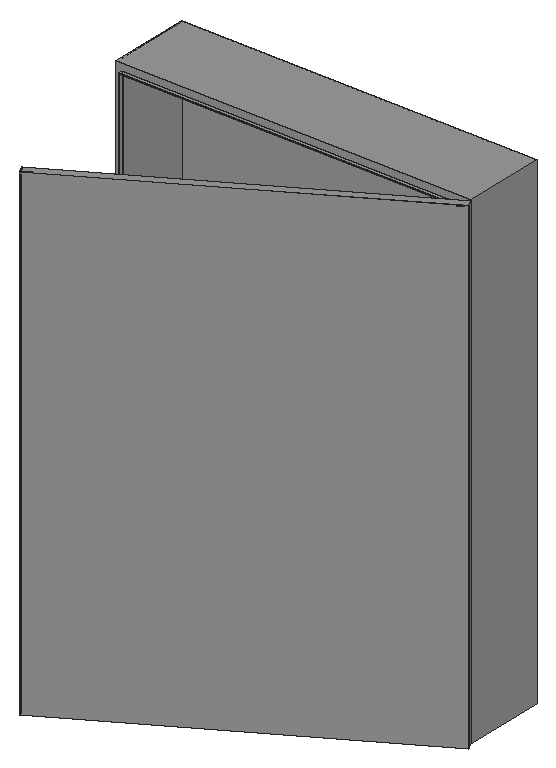
Revit family "Hager-Univers-IP54-D205-H1100-Cl.II-Encl-NoHosted-PT-pt", category Electrical Equipment, Revit 2020
Family settings
  Panel Configuration = Two Columns, Circuits Across
  Round Connector Dimension = Use Diameter
  Part Type = Panelboard
  Work Plane-Based = Yes
  Always vertical = Yes
  Cut with Voids When Loaded = No
  Shared = No
  Room Calculation Point = No
Parameters (values of type "Montagem em superfície (gesso) IP54 L800 A1100 P205  - FP73SW2")
  Width Control [instance] = if([EF000008 - Largura] > Min Width, [EF000008 - Largura], Min Width)  # 800 mm
  Type Comments = [HG000003 - Gama]  # "Univers"
  Thickness Door [instance] = if([EF009171 - Espessura do material da porta/tampa] > 3 mm, 3 mm, [EF009171 - Espessura do material da porta/tampa])  # 1 mm
  Seal Frame Offset [instance] = 17 mm  # constant formula
  Plinth Visibility [instance] = [HG000027 - Altura da Plinta] > 0 mm  # no
  Min Width [instance] = 100 mm  # constant formula
  Min Depth [instance] = (2 * [EF009170 - Espessura do material do invólucro]) + 1 mm  # 3 mm
  Min Height [instance] = 100 mm  # constant formula
  Internal Frame Depth [instance] = (Door System Depth * 0.5)  # 9 mm
  Panel Name [instance] = ""  # (empty or 0)
  Model = ""
  HG000027 - Altura da Plinta = 0 mm
  HG000026 - Instalação no chão = no
  HG000024 - Altura da secção inferior = 600 mm
  HG000023 - Recinto de secção dupla = no
  HG000016 - Visibilidade da porta 3D [instance] = yes
  HG000015 - Visibilidade através da porta [instance] = no
  HG000014 - Porta à direita [instance] = yes
  HG000013 - Porta à esquerda [instance] = not([HG000014 - Porta à direita])  # no
  HG000012 - Ângulo de abertura de porta [instance] = 30.00°
  HG000010 - Portas assimétricas = no
  HG000009 - Porta dupla = no
  HG000006 - Encastrado = no
  HG000004 - Referência do Fabricante = "FP73SW2"
  HG000003 - Gama = "Univers"
  HG000002 - Com porta ou tampa = yes
  Frame Offset Bottom [instance] = 10 mm  # constant formula
  Frame Offset [instance] = 15 mm  # constant formula
  EF015940 - Tampa com libertação de sobrepressão = no
  EF011959 - Grau de proteção (NEMA) = ""
  EF009554 - Número de aberturas para placas de flange = 6
  EF009212 - Tipo de tampa = "EV000116 - Fechado"
  EF009171 - Espessura do material da porta/tampa = 1 mm
  EF009170 - Espessura do material do invólucro = 1 mm
  EF008873 - Corrente nominal (In) = 250 A
  EF007800 - Adequado para proteção contra raios = no
  EF006306 - Com fecho = no
  EF006244 - Tampa/porta transparente = no
  EF005474 - Grau de proteção (IP) = "EV006419 - IP54"
  EF004464 - Tipo de porta = "EV002646 - Único"
  EF004427 - Número de módulos = 252
  EF004293 - Força de impacto = "EV006815 - IK09"
  EF003532 - Adequado para uso no exterior = no
  EF002950 - Largura em número de módulos = 36
  EF001613 - Integridade do circuito = "EV000494 - Nenhum"
  EF001596 - Material do corpo = "EV000179 - Aço"
  EF001131 - Profundidade interior = 130 mm
  EF001088 - Extensão possível = yes
  EF000437 - Número de entradas de condutores = 6
  EF000339 - Tipo de difusor = "EV004216 - Porta"
  EF000266 - Número de linhas = 7
  EF000218 - Profundidade incorporada = 205 mm
  EF000118 - Com tampa de montagem = no
  EF000116 - Número RAL = "9010"
  EF000049 - Profundidade = 205 mm
  EF000040 - Altura = 1100 mm
  EF000008 - Largura = 800 mm
  EF000007 - Cor = "EV000202 - Branco"
  EF000003 - Método de montagem = "EV000384 - Montagem em superfície (gesso)"
  Door System Leaf Tolerance [instance] = 1.5 mm  # constant formula
  Door System Depth [instance] = 18 mm  # constant formula
  Door Height [instance] = Height Control - [HG000027 - Altura da Plinta]  # 1100 mm
  Description = ""
  Default Elevation = 1219.2 mm
  Connector Offset [instance] = Height Control / 2  # 550 mm
  Manufacturer = "Hager"  # constant formula
  Height Control [instance] = if([EF000040 - Altura] > Min Height, [EF000040 - Altura], Min Height)  # 1100 mm
  Depth Control [instance] = if([EF000049 - Profundidade] > Min Depth, [EF000049 - Profundidade], Min Depth)  # 205 mm
  Bottom Top Plate Trim [instance] = 1.5 mm  # constant formula
  Plinth height Ctrl [instance] = if([HG000027 - Altura da Plinta] > 0 mm, [HG000027 - Altura da Plinta], 12 mm)  # 12 mm
Types (5, lengths in mm): name | Width Control | HG000010 - Portas assimétricas | HG000009 - Porta dupla | HG000004 - Referência do Fabricante | EF009554 - Número de aberturas para placas de flange | EF004464 - Tipo de porta | EF004427 - Número de módulos | EF002950 - Largura em número de módulos | EF000437 - Número de entradas de condutores | EF000008 - Largura
  Montagem em superfície (gesso) IP54 L1050 A1100 P205  - FP74SW2 | 1050 | no | yes | "FP74SW2" | 8 | "EV003602 - Duplo" | 336 | 48 | 8 | 1050
  Montagem em superfície (gesso) IP54 L1300 A1100 P205  - FP75SW2 | 1300 | yes | yes | "FP75SW2" | 10 | "EV003602 - Duplo" | 420 | 60 | 10 | 1300
  Montagem em superfície (gesso) IP54 L300 A1100 P205  - FP71SW2 | 300 | no | no | "FP71SW2" | 2 | "EV002646 - Único" | 84 | 12 | 2 | 300
  Montagem em superfície (gesso) IP54 L550 A1100 P205  - FP72SW2 | 550 | no | no | "FP72SW2" | 4 | "EV002646 - Único" | 168 | 24 | 4 | 550
  Montagem em superfície (gesso) IP54 L800 A1100 P205  - FP73SW2 | 800 | no | no | "FP73SW2" | 6 | "EV002646 - Único" | 252 | 36 | 6 | 800
Reference planes
  plane 1 "Center (Front/Back)": y = 0
  plane 2: z = 0
  plane 3 "Center (Left/Right)": x = 0
  plane 4: y = 0
  plane 5: y = 0
  plane 6: z = 0
  plane 7: x = -400
  plane 8: x = 400
  plane 9: x = 399
  plane 10: x = -399
  plane 11: z = 0
  plane 12: z = 1
  plane 13: y = -205
  plane 14: y = -1
  plane 15: x = 0
  plane 16: y = -187
  plane 17: y = -204
  plane 18: y = -186
  plane 19: x = -384
  plane 20: x = 384
  plane 21: z = 11
  plane 22: x = -383
  plane 23: x = 383
  plane 24: z = 0
  plane 25: z = 1100
  plane 26: z = 1100
  plane 27: z = 1084
  plane 28: z = 1099
Forms (mm)
  Extrusion 1, solid, material "Hager_Steel_RAL7035_Light_Grey", detail levels medium+fine
    sketch origin (-208.679, -4572, 0) x (-1, 0, 0) y (0, -1, 0)
      loop
        line (191.321, -4385) -> (-608.679, -4385) -> (-608.679, -4572) -> (191.321, -4572) -> (191.321, -4385)
    from 0 to 1100
  Extrusion 2, void
    sketch origin (-350.771, -205, 1219.2) x (1, 0, 0) y (0, 0, 1)
      loop
        line (-48.229, -120.2) -> (-48.229, -1218.2) -> (749.771, -1218.2) -> (749.771, -120.2) -> (-48.229, -120.2)
    from -19 to -204
  Extrusion 3, void
    sketch origin (-290.084, -187, 1219.2) x (1, 0, 0) y (0, 0, 1)
      loop
        line (-93.916, -1208.2) -> (674.084, -1208.2) -> (674.084, -135.2) -> (-93.916, -135.2) -> (-93.916, -1208.2)
    from 0 to -1
  Extrusion 4, solid, material "Hager_Steel_RAL7035_Light_Grey", visible <- "Plinth Visibility", detail levels medium+fine
    sketch origin (0, 0, 0) x (1, 0, 0) y (0, 1, 0)
      loop
        line (-400, 0) -> (-400, -187) -> (400, -187) -> (400, 0) -> (-400, 0)
    from 0 to 12 <- "Plinth height Ctrl"
  Extrusion 5, solid, material "Hager_Steel_RAL7035_Light_Grey", detail levels coarse
    sketch origin (0, 0, 0) x (1, 0, 0) y (0, 1, 0)
      loop
        line (-400, 0) -> (-400, -205) -> (400, -205) -> (400, 0) -> (-400, 0)
    from 0 to 1100 <- "Height Control"
  Sweep 6, void
    path in 3D
      loop
        line (-400, -187, 12) -> (400, -187, 12) -> (400, 0, 12) -> (-400, 0, 12) -> (-400, -187, 12)
    profile origin (-400, -93.5, 12) x (1, 0, 0) y (0, 0, 1)
      loop
        line (0, 0) -> (0, -1.5) -> (1.5, -1.5)
        arc (1.5, -1.5) -> (1.061, -0.439) -> (0, 0) r 1.5
  Extrusion 7, solid, material "Hager_Steel_RAL7035_Light_Grey", detail levels fine
    sketch origin (-400, -187, 0) x (1, 0, 0) y (0, 0, 1)
      loop
        line (16, 11) -> (784, 11) -> (784, 1084) -> (16, 1084) -> (16, 11)
      loop
        line (15, 10) -> (785, 10) -> (785, 1085) -> (15, 1085) -> (15, 10)
    from 0 to 9 <- "Internal Frame Depth"
Cuts and joins
  Extrusion 2, Extrusion 3 cuts Extrusion 1
  Sweep 6 cuts Extrusion 4
Lines and regions (mm)
  Masking region 1
    outline origin (0, 0, 0) x (1, 0, 0) y (0, 1, 0)
      loop
        line (-400, 0) -> (-400, -205) -> (400, -205) -> (400, 0) -> (-400, 0)
  Masking region 2, detail levels coarse
    outline origin (-290.084, -187, 1219.2) x (-1, 0, 0) y (0, 0, 1)
      loop
        line (-690.084, -1219.2) -> (109.916, -1219.2) -> (109.916, -119.2) -> (-690.084, -119.2) -> (-690.084, -1219.2)
  Masking region 3, detail levels coarse
    outline origin (0, 0, 0) x (0, 1, 0) y (0, 0, 1)
      loop
        line (0, 0) -> (0, 1100) -> (-205, 1100) -> (-205, 0) -> (0, 0)
  Masking region 4, visible <- "Plinth Visibility", detail levels medium+fine
    outline origin (0, 0, 0) x (0, 1, 0) y (0, 0, 1)
      loop
        line (-1.5, 12) -> (-185.5, 12)
        arc (-185.5, 12) -> (-185.939, 10.939) -> (-187, 10.5) r 1.5
        line (-187, 10.5) -> (-187, 0) -> (0, 0) -> (0, 10.5)
        arc (0, 10.5) -> (-1.061, 10.939) -> (-1.5, 12) r 1.5
  Masking region 5, detail levels medium+fine
    outline origin (0, 0, 594.038) x (0, 1, 0) y (0, 0, 1)
      loop
        line (0, -594.038) -> (0, 505.962) -> (-187, 505.962) -> (-187, -594.038) -> (0, -594.038)
  Masking region 6, detail levels medium+fine
    outline origin (-359.7, -187, 1211.883) x (-1, 0, 0) y (0, 0, 1)
      loop
        line (-759.7, -1211.883) -> (40.3, -1211.883) -> (40.3, -111.883) -> (-759.7, -111.883) -> (-759.7, -1211.883)
  Masking region 7, visible <- "Plinth Visibility", detail levels medium+fine
    outline origin (-320.334, -187, 1041.368) x (-1, 0, 0) y (0, 0, 1)
      loop
        line (-720.334, -1041.368) -> (79.666, -1041.368) -> (79.666, -1030.868)
        arc (79.666, -1030.868) -> (78.606, -1030.429) -> (78.166, -1029.368) r 1.5
        line (78.166, -1029.368) -> (-718.834, -1029.368)
        arc (-718.834, -1029.368) -> (-719.273, -1030.429) -> (-720.334, -1030.868) r 1.5
        line (-720.334, -1030.868) -> (-720.334, -1041.368)
  sketch lines
    curve 1: line (-400, 0, 12) -> (-400, -187, 12)
    curve 2: line (-400, -187, 12) -> (400, -187, 12)
    curve 3: line (400, 0, 12) -> (-400, 0, 12)
    curve 4: line (400, -187, 12) -> (400, 0, 12)
Dimensions and locks
  locked: plane 1 "Center (Front/Back)" to plane 5
  "EF009170 - Espessura do material do invólucro": plane 7 to plane 10
  "EF009170 - Espessura do material do invólucro": plane 8 to plane 9
  equal spacing: plane 7, plane 3 "Center (Left/Right)", plane 8
  "Width Control": plane 7 to plane 8
  "Depth Control": plane 4 to plane 13
  "EF009170 - Espessura do material do invólucro": plane 4 to plane 14
  "Height Control": plane 25 to level
  "HG000027 - Altura da Plinta": plane 11 to level
  "EF009170 - Espessura do material do invólucro": plane 12 to plane 11
  "EF009170 - Espessura do material do invólucro": plane 17 to plane 13
  "EF009170 - Espessura do material do invólucro": plane 18 to plane 16
  "Frame Offset Bottom": plane 21 to plane 12
  "Frame Offset": plane 10 to plane 19
  "Frame Offset": plane 9 to plane 20
  "Door System Depth": plane 16 to plane 13
  "Seal Frame Offset": plane 7 to plane 22
  "Seal Frame Offset": plane 8 to plane 23
  "EF009170 - Espessura do material do invólucro": plane 26 to plane 28
  "Frame Offset": plane 28 to plane 27
  "Connector Offset": plane 2 to connector elem
  "Bottom Top Plate Trim": profile plane to Sweep 6 sketch curve
  "Bottom Top Plate Trim": Sweep 6 sketch curve to Sweep 6 sketch curve
  "Plinth height Ctrl": Masking region 4 sketch curve to level
  "Plinth height Ctrl": Masking region 7 sketch curve to level
  "Thickness Door": Extrusion 7 sketch curve to Extrusion 7 sketch curve  (x4)
  "Bottom Top Plate Trim": radius of Sweep 6 sketch curve
  "Bottom Top Plate Trim": radius of Masking region 4 sketch curve  (x2)
  "Bottom Top Plate Trim": radius of Masking region 7 sketch curve  (x2)
  aligned and locked: Extrusion 2 sketch curve to plane 12
  aligned and locked: Extrusion 2 sketch curve to plane 9
  aligned and locked: Extrusion 2 sketch curve to plane 10
  aligned and locked: Extrusion 2 to plane 14
  aligned and locked: Extrusion 1 sketch curve to plane 4
  aligned and locked: plane 8 to Extrusion 1 sketch curve
  aligned and locked: plane 7 to Extrusion 1 sketch curve
  aligned and locked: Extrusion 2 to plane 18
  aligned and locked: Extrusion 3 sketch curve to plane 19
  aligned and locked: plane 20 to Extrusion 3 sketch curve
  aligned and locked: Extrusion 3 to Extrusion 2
  aligned and locked: Extrusion 3 sketch curve to plane 21
  aligned and locked: plane 3 "Center (Left/Right)" to nested 1
  aligned and locked: Extrusion 1 sketch curve to plane 16
  aligned and locked: Extrusion 4 sketch curve to cut or joined group of Extrusion 1, Extrusion 2, Extrusion 3
  aligned and locked: Masking region 1 sketch curve to plane 7
  aligned and locked: Masking region 1 sketch curve to plane 5
  aligned and locked: Masking region 1 sketch curve to plane 8
  aligned and locked: Masking region 2 sketch curve to level
  aligned and locked: level to Masking region 3 sketch curve
  aligned and locked: plane 1 "Center (Front/Back)" to Masking region 3 sketch curve
  aligned and locked: plane 13 to Masking region 3 sketch curve
  aligned and locked: plane 5 to Masking region 4 sketch curve
  aligned and locked: Masking region 2 sketch curve to plane 8
  aligned and locked: Masking region 2 sketch curve to plane 7
  aligned and locked: plane 7 to nested 2
  aligned and locked: nested 2 to plane 5
  aligned and locked: plane 5 to Masking region 5 sketch curve
  aligned and locked: plane 26 to Masking region 5 sketch curve
  aligned and locked: Extrusion 5 sketch curve to plane 8
  aligned and locked: Extrusion 5 sketch curve to plane 7
  aligned and locked: Extrusion 5 sketch curve to plane 5
  aligned and locked: Extrusion 3 sketch curve to plane 27
  aligned and locked: Extrusion 2 sketch curve to plane 28
  aligned and locked: Masking region 2 to plane 25
  aligned and locked: Extrusion 4 to plane 16
  aligned and locked: profile plane to Sweep 6 sketch curve
  aligned and locked: Masking region 5 sketch curve to plane 24
  aligned and locked: level to Masking region 4 sketch curve
  aligned and locked: Masking region 1 to plane 13
  aligned and locked: nested 1 to plane 16
  aligned and locked: Masking region 3 to plane 25
  aligned and locked: plane 16 to Masking region 4 sketch curve
  aligned and locked: Masking region 5 sketch curve to plane 16
  aligned and locked: plane 24 to plane 11
  aligned and locked: plane 26 to plane 25
  aligned and locked: plane 26 to cut or joined group of Extrusion 1, Extrusion 2, Extrusion 3
  aligned and locked: nested 1 to plane 24
  aligned and locked: Extrusion 1 to Extrusion 3
  aligned and locked: Masking region 6 sketch curve to plane 8
  aligned and locked: Masking region 6 sketch curve to plane 24
  aligned and locked: Masking region 6 sketch curve to plane 7
  aligned and locked: Masking region 6 sketch curve to plane 26
  aligned and locked: Masking region 7 sketch curve to plane 7
  aligned and locked: level to Masking region 7 sketch curve
  aligned and locked: Masking region 7 sketch curve to plane 8
  aligned and locked: Extrusion 7 sketch curve to cut or joined group of Extrusion 1, Extrusion 2, Extrusion 3  (x4)
Automatic sketch dimensions
  plane 19 to Extrusion 3 sketch curve = 0 mm
  Extrusion 3 sketch curve to plane 20 = 0 mm
  Extrusion 3 sketch curve to plane 21 = 0 mm
  Extrusion 4 sketch curve to plane 7 = 0 mm
  Extrusion 4 sketch curve to plane 8 = 0 mm
  Extrusion 4 sketch curve to plane 16 = 0 mm
  Masking region 1 sketch curve to plane 13 = 0 mm
  Masking region 2 sketch curve to plane 25 = 0 mm
  Masking region 3 sketch curve to plane 25 = 0 mm
  Extrusion 5 sketch curve to plane 13 = 0 mm
  profile plane to Sweep 6 sketch curve = 0 mm
Nested families
  nested 1: "EC000058_Univers_Door" at (0, -187, 0), Double <- "HG000009 - Porta dupla", Transparent <- "EF006244 - Tampa/porta transparente", Angle <- "HG000012 - Ângulo de abertura de porta", Door_Right <- "HG000014 - Porta à direita", Assymetrical <- "HG000010 - Portas assimétricas", Door <- "HG000002 - Com porta ou tampa", Width_Ctrl <- "Width Control", 3d_Door <- "HG000016 - Visibilidade da porta 3D", Clearance <- "HG000015 - Visibilidade através da porta", Door_Left <- "HG000013 - Porta à esquerda", Width <- "Width Control", Door_Depth <- "Door System Depth", Leaf_Tolerance <- "Door System Leaf Tolerance", Height <- "Door Height", Lock_Visibility <- "EF006306 - Com fecho", Thickness <- "Thickness Door", type "EC000058_Univers_Door", detail levels medium+fine
    with min_wh 3 mm, Width_Ctrl 800 mm, Width 800 mm, Transparent no, Thickness 1 mm, Seal_Material Hager_Rubber, Lock_Visibility no, Lock_Material Hager_Plastic_RAL9005_Jet_Black, Leaf_Width 800 mm, Leaf_Tolerance_External_Sides 0 mm, Leaf_Tolerance 1.5 mm, Leaf_Offset 0 mm, Leaf_Height 1097 mm, Leaf_2_Width 800 mm, Leaf_2_Offset 400 mm, Leaf_1_Width 800 mm, Leaf_1_Offset 400 mm, Height_Ctrl 1100 mm, Height 1100 mm, Glass_Material Hager_Glass, Double_Clearance_Ctrl no, Double no, Door_Right_Ctrl yes, Door_Right yes, Door_Material Hager_Steel_RAL7035_Light_Grey, Door_Left_Ctrl no, Door_Left no, Door_Depth 18 mm, Door yes, Clearance_Material Hager_Clearance, Clearance_Depth 800 mm, Clearance_Ctrl no, Clearance no, Assymetrical no, Angle 30.00°, 3d_Door yes
  nested 2: "Hager_Enclosure_Symbol" at (-400, 0, 0), Height <- "Depth Control", Width <- "Width Control", type "Hager_Enclosure_Symbol"
    with Width_Ctrl 800 mm, Width 800 mm, Height_Ctrl 205 mm, Height 205 mm, A_Width_Int 13.453 mm, A_Width 161.438 mm, A_Height_Ctrl 179.375 mm, A_Height 179.375 mm
Connectors
  electrical at (0, 0, 550)
    settings: on plane 1 "Center (Front/Back)", index 1, voltage 0 V, apparent load 0 VA, apparent load phase1 0 VA, apparent load phase2 0 VA, apparent load phase3 0 VA, power factor 1, load classification "Other", number of poles 1, system type 30, power factor state 1, is connector primary yes, connector utility no, sub classification motor no, connector description ""
Definition of nested family "EC000058_Univers_Door"
  Parameters (values of type "EC000058_Univers_Door")
    min_wh [instance] = (2 * Thickness) + 1 mm  # 11 mm
    Width_Ctrl [instance] = 400 mm
    Width [instance] = 500 mm
    Transparent [instance] = yes
    Thickness [instance] = 5 mm
    Seal_Material [instance] = none
    Lock_Visibility [instance] = yes
    Lock_Material [instance] = none
    Leaf_Width [instance] = if((Width_Ctrl - 2 * Leaf_Tolerance_External_Sides) > 0 mm, (Width_Ctrl - 2 * Leaf_Tolerance_External_Sides), min_wh)  # 400 mm
    Leaf_Tolerance_External_Sides [instance] = 0 mm  # constant formula
    Leaf_Tolerance [instance] = 1.5 mm
    Leaf_Offset [instance] = 0 mm  # constant formula
    Leaf_Height [instance] = if((Height_Ctrl - 2 * Leaf_Tolerance) > 0 mm, (Height_Ctrl - 2 * Leaf_Tolerance), min_wh)  # 497 mm
    Leaf_2_Width [instance] = if(and(and(Double, Assymetrical), Door_Left), (Leaf_Width / 3) - (Leaf_Tolerance / 2), if(and(and(Double, Assymetrical), Door_Right), (Leaf_Width / 3) * 2 - (Leaf_Tolerance / 2), if(and(Double, not(Assymetrical)), (Leaf_Width / 2) - Leaf_Tolerance, Leaf_Width)))  # 400 mm
    Leaf_2_Offset [instance] = if(and(Double, Assymetrical), Leaf_2_Width / 2, if(and(Double, not(Assymetrical)), Leaf_Width / 4, Leaf_Width / 2))  # 200 mm
    Leaf_1_Width [instance] = if(and(and(Double, Assymetrical), Door_Right), (Leaf_Width / 3) - (Leaf_Tolerance / 2), if(and(and(Double, Assymetrical), Door_Left), (Width / 3) * 2 - (Leaf_Tolerance / 2), if(and(Double, not(Assymetrical)), (Leaf_Width / 2) - Leaf_Tolerance, Leaf_Width)))  # 400 mm
    Leaf_1_Offset [instance] = if(and(Double, Assymetrical), Leaf_1_Width / 2, if(and(Double, not(Assymetrical)), Leaf_Width / 4, Leaf_Width / 2))  # 200 mm
    Height_Ctrl [instance] = if(Height > min_wh, Height, min_wh)  # 500 mm
    Height [instance] = 500 mm
    Glass_Material [instance] = none
    Double_Clearance_Ctrl [instance] = and(Double, Clearance)  # no
    Double [instance] = no
    Door_Right_Ctrl [instance] = and(or(Door_Right, Double), Door)  # yes
    Door_Right [instance] = yes
    Door_Material [instance] = none
    Door_Left_Ctrl [instance] = and(or(Door_Left, Double), Door)  # no
    Door_Left [instance] = no
    Door_Depth [instance] = 30 mm
    Door [instance] = yes
    Default Elevation = 1219.2 mm
    Clearance_Material [instance] = none
    Clearance_Depth [instance] = if(Leaf_1_Width > Leaf_2_Width, Leaf_1_Width, Leaf_2_Width)  # 400 mm
    Clearance_Ctrl [instance] = and(not(Double), Clearance)  # yes
    Clearance [instance] = yes
    Assymetrical [instance] = yes
    Angle [instance] = 30.00°
    3d_Door [instance] = yes
  Reference planes
    plane 1 "Center (Front/Back)": y = 0
    plane 2 "Bottom": z = 0
    plane 3 "Center (Left/Right)": x = 0
    plane 4: z = 500
    plane 5: x = -200
    plane 6: x = 200
    plane 7: z = 500
    plane 8: x = -200
    plane 9: z = 0
    plane 10: x = 200
    plane 11: y = 0
    plane 12: z = 1.5
    plane 13: x = -600
    plane 14: y = -400
    plane 15: x = 600
    plane 16: x = 0
    plane 17: x = 0
    plane 18: x = -200
    plane 19: x = 200
    plane 20: z = 498.5
  Forms (mm)
    Extrusion 1, solid, material <- "Clearance_Material", visible <- "Double_Clearance_Ctrl"
      sketch origin (1200, 0, 0) x (1, 0, 0) y (0, 0, -1)
        loop
          line (-1800, -498.5) -> (-600, -498.5) -> (-600, 0) -> (-1800, 0) -> (-1800, -498.5)
      from 0 to -400
  Dimensions and locks
    equal spacing: plane 5, plane 3 "Center (Left/Right)", plane 6
    "Width_Ctrl": plane 5 to plane 6
    "Leaf_Offset": plane 5 to plane 8
    "Leaf_Offset": plane 6 to plane 10
    "Leaf_Offset": plane 9 to level
    "Leaf_Offset": plane 4 to plane 7
    "Height_Ctrl": plane 4 to level
    "Leaf_Tolerance": plane 12 to plane 9
    locked: plane 11 to plane 1 "Center (Front/Back)"
    "Leaf_1_Offset": plane 18 to plane 16
    "Leaf_2_Offset": plane 17 to plane 19
    "Leaf_1_Width": plane 13 to plane 8
    "Leaf_2_Width": plane 10 to plane 15
    "Clearance_Depth": plane 14 to plane 1 "Center (Front/Back)"
    "Leaf_Tolerance_External_Sides": plane 8 to plane 18
    "Leaf_Tolerance_External_Sides": plane 19 to plane 10
    "Leaf_Tolerance": plane 7 to plane 20
    aligned and locked: level to plane 2 "Bottom"
    aligned and locked: nested 1 to plane 16
    aligned and locked: nested 2 to plane 17
    aligned and locked: Extrusion 1 to plane 13
    aligned and locked: plane 15 to Extrusion 1
    aligned and locked: Extrusion 1 to plane 14
    aligned and locked: plane 12 to nested 1
    aligned and locked: nested 2 to plane 12
    aligned and locked: Extrusion 1 to plane 11
    aligned and locked: plane 20 to Extrusion 1
    aligned and locked: nested 2 to plane 11
    aligned and locked: nested 1 to plane 11
  Automatic sketch dimensions
    Extrusion 1 sketch curve to level = 0 mm
    plane 5 to Extrusion 1 sketch curve = 400 mm
    plane 6 to Extrusion 1 sketch curve = 400 mm
    Extrusion 1 sketch curve to plane 4 = 1.5 mm
  Nested families
    nested 1: "EC000058_Univers_Door_Leaf" at (0, 0, 1.5), Width <- "Leaf_1_Width", visible <- "Door_Left_Ctrl", Leaf_Height <- "Leaf_Height", Angle <- "Angle", 3d_Door <- "3d_Door", Transparent <- "Transparent", Clearance Material <- "Clearance_Material", Clearance <- "Clearance_Ctrl", Door_Material <- "Door_Material", Glass_Material <- "Glass_Material", Door_Depth <- "Door_Depth", Lock_Material <- "Lock_Material", Seal_Material <- "Seal_Material", Lock_Visibility <- "Lock_Visibility", Thickness <- "Thickness", type "EC000058_Univers_Door_Leaf"
      with Width 400 mm, Transparent_Glass_Offset 30 mm, Transparent_Ctrl yes, Transparent yes, Thickness 5 mm, Standard no, Seal_Material none, Seal_D2 8 mm, Seal_D1 1 mm, Offset_Internal_Frame 10 mm, Lock_Width 20 mm, Lock_Visibility_3d yes, Lock_Visibility yes, Lock_Thickness_3 3 mm, Lock_Thickness_2 1 mm, Lock_Thickness_1 3 mm, Lock_Radius_Offset_2 16 mm, Lock_Radius_Offset_1 15 mm, Lock_Radius_2 5 mm, Lock_Radius 6 mm, Lock_Offset 5 mm, Lock_Material none, Lock_Height 80 mm, Lock_Cover_Top_Offset_2d 17 mm, Lock_Cover_Height -65 mm, Leaf_Height 497 mm, Internal_Seal_Thickness 8 mm, Internal_Seal_Depth_2 4.5 mm, Internal_Frame_Depth 25 mm, Glass_Thickness -1 mm, Glass_Offset -2 mm, Glass_Material none, Door_Material none, Door_Depth 30 mm, Clearance Material none, Clearance yes, Angle_Ctrl 30.00°, Angle 30.00°, 3d_Door yes
    nested 2: "EC000058_Univers_Door_Leaf" at (0, 0, 1.5) x (-1, 0, 0) z (0, 0, 1), Width <- "Leaf_2_Width", visible <- "Door_Right_Ctrl", Leaf_Height <- "Leaf_Height", Angle <- "Angle", 3d_Door <- "3d_Door", Transparent <- "Transparent", Clearance Material <- "Clearance_Material", Clearance <- "Clearance_Ctrl", Door_Material <- "Door_Material", Glass_Material <- "Glass_Material", Door_Depth <- "Door_Depth", Lock_Material <- "Lock_Material", Seal_Material <- "Seal_Material", Lock_Visibility <- "Lock_Visibility", Thickness <- "Thickness", type "EC000058_Univers_Door_Leaf"
      with Width 400 mm, Transparent_Glass_Offset 30 mm, Transparent_Ctrl yes, Transparent yes, Thickness 5 mm, Standard no, Seal_Material none, Seal_D2 8 mm, Seal_D1 1 mm, Offset_Internal_Frame 10 mm, Lock_Width 20 mm, Lock_Visibility_3d yes, Lock_Visibility yes, Lock_Thickness_3 3 mm, Lock_Thickness_2 1 mm, Lock_Thickness_1 3 mm, Lock_Radius_Offset_2 16 mm, Lock_Radius_Offset_1 15 mm, Lock_Radius_2 5 mm, Lock_Radius 6 mm, Lock_Offset 5 mm, Lock_Material none, Lock_Height 80 mm, Lock_Cover_Top_Offset_2d 17 mm, Lock_Cover_Height -65 mm, Leaf_Height 497 mm, Internal_Seal_Thickness 8 mm, Internal_Seal_Depth_2 4.5 mm, Internal_Frame_Depth 25 mm, Glass_Thickness -1 mm, Glass_Offset -2 mm, Glass_Material none, Door_Material none, Door_Depth 30 mm, Clearance Material none, Clearance yes, Angle_Ctrl 30.00°, Angle 30.00°, 3d_Door yes
  Definition of nested family "EC000058_Univers_Door_Leaf"
    Parameters (values of type "EC000058_Univers_Door_Leaf")
      Width [instance] = 2000 mm
      Transparent_Glass_Offset [instance] = 30 mm
      Transparent_Ctrl [instance] = and(Transparent, [3d_Door])  # yes
      Transparent [instance] = yes
      Thickness [instance] = 5 mm
      Standard [instance] = and(not(Transparent), [3d_Door])  # no
      Seal_Material [instance] = none
      Seal_D2 [instance] = 8 mm  # constant formula
      Seal_D1 [instance] = 1 mm  # constant formula
      Offset_Internal_Frame [instance] = 10 mm  # constant formula
      Lock_Width [instance] = 20 mm  # constant formula
      Lock_Visibility_3d [instance] = and(Lock_Visibility, [3d_Door])  # yes
      Lock_Visibility [instance] = yes
      Lock_Thickness_3 [instance] = 3 mm  # constant formula
      Lock_Thickness_2 [instance] = 1 mm  # constant formula
      Lock_Thickness_1 [instance] = 3 mm  # constant formula
      Lock_Radius_Offset_2 [instance] = Lock_Radius_Offset_1 + 1 mm  # 16 mm
      Lock_Radius_Offset_1 [instance] = 15 mm  # constant formula
      Lock_Radius_2 [instance] = Lock_Radius - 1 mm  # 5 mm
      Lock_Radius [instance] = 6 mm  # constant formula
      Lock_Offset [instance] = 5 mm  # constant formula
      Lock_Material [instance] = none
      Lock_Height [instance] = 80 mm  # constant formula
      Lock_Cover_Top_Offset_2d [instance] = Lock_Radius_Offset_2 + 1 mm  # 17 mm
      Lock_Cover_Height [instance] = -(Lock_Height - Lock_Radius_Offset_1)  # -65 mm
      Leaf_Height [instance] = 2720.336 mm
      Internal_Seal_Thickness [instance] = 8 mm  # constant formula
      Internal_Seal_Depth_2 [instance] = 4.5 mm  # constant formula
      Internal_Frame_Depth [instance] = if(Door_Depth - Thickness > 5 mm, Door_Depth - Thickness, 5 mm)  # 25 mm
      Glass_Thickness [instance] = if(Thickness > 15 mm, Glass_Offset + 10 mm, -1 mm)  # -1 mm
      Glass_Offset [instance] = if(Thickness > 15 mm, -(Thickness + 10 mm) / 2, -2 mm)  # -2 mm
      Glass_Material [instance] = none
      Door_Material [instance] = none
      Door_Depth [instance] = 30 mm
      Default Elevation = 0 mm
      Clearance Material [instance] = none
      Clearance [instance] = yes
      Angle_Ctrl [instance] = if(Angle > 180.00°, 180.00°, Angle)  # 90.00°
      Angle [instance] = 90.00°
      3d_Door [instance] = yes
    Reference planes
      plane 1 "Center (Front/Back)": y = 0
      plane 2: z = 0
      plane 3 "Center (Left/Right)": x = 0
      plane 4: y = 2000
      plane 5: x = -1000
      plane 6: x = 1000
      plane 7: x = -3000
      plane 8: z = 2720.336
      plane 9: z = 30
      plane 10: z = 2690.336
      plane 11: x = 970
      plane 12: x = -970
      plane 13: y = -3
      plane 14: z = 107.833
      plane 15: y = -5
      plane 16: y = -223.314
      plane 17: x = -1000
      plane 18: z = 1360.168
      plane 19: y = 30
    Forms (mm)
      Extrusion 1, solid, material <- "Clearance Material", visible <- "Clearance"
        sketch origin (0, 0, 0) x (1, 0, 0) y (0, 0, 1)
          loop
            line (-3000, 2720.336) -> (-3000, 0) -> (1000, 0) -> (1000, 2720.336) -> (-3000, 2720.336)
        from 0 to -2000
      Extrusion 2, solid, material <- "Door_Material", visible <- "Standard", detail levels medium+fine
        sketch origin (-1000, 0, 0) x (0, 1, 0) y (-1, 0, 0)
          loop
            line (0, 30) -> (0, 25) -> (2000, 25) -> (2000, 30) -> (0, 30)
        from 0 to 2720.336 <- "Leaf_Height"
      Extrusion 3, solid, material <- "Door_Material", visible <- "Transparent_Ctrl", detail levels medium+fine
        sketch origin (-1000, 0, 0) x (0, 1, 0) y (-1, 0, 0)
          loop
            line (0, 25) -> (2000, 25) -> (2000, 30) -> (0, 30) -> (0, 25)
        from 0 to 2720.336 <- "Leaf_Height"
      Extrusion 4, void
        sketch origin (-1025, 2000, 0) x (0, 1, 0) y (0, 0, -1)
          loop
            line (-30, -2690.336) -> (-30, -30) -> (-1970, -30) -> (-1970, -2690.336) -> (-30, -2690.336)
        from 0 to 5 <- "Thickness"
      Sweep 5, solid, material <- "Seal_Material", visible <- "Transparent_Ctrl", detail levels fine
        path in 3D
          loop
            line (-1025, 30, 30) -> (-1025, 30, 2690.336) -> (-1025, 1970, 2690.336) -> (-1025, 1970, 30) -> (-1025, 30, 30)
        profile origin (-1025, 1000, 30) x (1, 0, 0) y (0, 0, 1)
          loop
            line (0, 0) -> (0, -8) -> (1, -8) -> (1, 0) -> (0, 0)
      Extrusion 6, solid, material <- "Glass_Material", visible <- "Transparent_Ctrl", detail levels medium+fine
        sketch origin (-1030, 0, 0) x (0, 1, 0) y (0, 0, -1)
          loop
            line (1970, -2690.336) -> (1970, -30) -> (30, -30) -> (30, -2690.336) -> (1970, -2690.336)
        from -2 <- "Glass_Offset" to -1 <- "Glass_Thickness"
      Extrusion 7, solid, material <- "Door_Material", visible <- "3d_Door", detail levels medium+fine
        sketch origin (-1025, 2000, 0) x (0, -1, 0) y (0, 0, -1)
          loop
            line (0, -2720.336) -> (2000, -2720.336) -> (2000, 0) -> (0, 0) -> (0, -2720.336)
          loop
            line (1995, -5) -> (5, -5) -> (5, -2715.336) -> (1995, -2715.336) -> (1995, -5)
        from 0 to 25 <- "Internal_Frame_Depth"
      Sweep 8, solid, material <- "Seal_Material", visible <- "Transparent_Ctrl", detail levels fine
        path in 3D
          loop
            line (-1025, 0, 0) -> (-1025, 2000, 0) -> (-1025, 2000, 2720.336) -> (-1025, 0, 2720.336) -> (-1025, 0, 0)
        profile origin (-1025, 0, 1360.168) x (1, 0, 0) y (0, 1, 0)
          loop
            line (0, 10) -> (2.975, 10)
            arc (2.975, 10) -> (4.053, 10.447) -> (4.5, 11.525) r 1.525
            line (4.5, 11.525) -> (4.5, 16.527)
            arc (4.5, 16.527) -> (4.069, 17.569) -> (3.027, 18) r 1.473
            line (3.027, 18) -> (0, 18) -> (0, 10)
      Extrusion 9, solid, material <- "Lock_Material", visible <- "Lock_Visibility_3d", detail levels fine
        sketch origin (-1030, 0, 0) x (0, 1, 0) y (0, 0, -1)
          loop
            arc (1993.5, -1400.168) -> (1994.561, -1399.729) -> (1995, -1398.668) r 1.5
            line (1995, -1398.668) -> (1995, -1320.168) -> (1975, -1320.168) -> (1975, -1398.668)
            arc (1975, -1398.668) -> (1975.439, -1399.729) -> (1976.5, -1400.168) r 1.5
            line (1976.5, -1400.168) -> (1993.5, -1400.168)
        from 3 <- "Lock_Thickness_1" to 0
      Blend 10, solid, material <- "Lock_Material", visible <- "Lock_Visibility_3d", detail levels fine
        base sketch origin (-1033, 0, 0) x (0, 1, 0) y (0, 0, -1)
          loop
            line (1975, -1320.168) -> (1975, -1398.668)
            arc (1975, -1398.668) -> (1975.439, -1399.729) -> (1976.5, -1400.168) r 1.5
            line (1976.5, -1400.168) -> (1993.5, -1400.168)
            arc (1993.5, -1400.168) -> (1994.561, -1399.729) -> (1995, -1398.668) r 1.5
            line (1995, -1398.668) -> (1995, -1320.168) -> (1975, -1320.168)
        top sketch origin (-1033, 0, 0) x (0, 1, 0) y (0, 0, -1)
          loop
            line (1976, -1320.168) -> (1976, -1398.668)
            arc (1976, -1398.668) -> (1976.146, -1399.022) -> (1976.5, -1399.168) r 0.5
            line (1976.5, -1399.168) -> (1993.5, -1399.168)
            arc (1993.5, -1399.168) -> (1993.854, -1399.022) -> (1994, -1398.668) r 0.5
            line (1994, -1398.668) -> (1994, -1320.168) -> (1976, -1320.168)
        from 0 to 1 <- "Lock_Thickness_2"
      Blend 11, solid, material <- "Lock_Material", visible <- "Lock_Visibility_3d", detail levels fine
        base sketch origin (-1034, 0, 0) x (0, 1, 0) y (0, 0, -1)
          loop
            line (1978, -1320.168) -> (1978, -1384.168)
            arc (1978, -1384.168) -> (1985, -1391.168) -> (1992, -1384.168) r 7
            line (1992, -1384.168) -> (1992, -1320.168) -> (1978, -1320.168)
        top sketch origin (-1034, 0, 0) x (0, 1, 0) y (0, 0, -1)
          loop
            line (1991, -1320.168) -> (1979, -1320.168) -> (1979, -1383.168)
            arc (1979, -1383.168) -> (1985, -1389.168) -> (1991, -1383.168) r 6
            line (1991, -1383.168) -> (1991, -1320.168)
        from 0 to 3 <- "Lock_Thickness_3"
      Extrusion 12, solid, material <- "Lock_Material", visible <- "Lock_Visibility_3d", detail levels fine
        sketch origin (-1030, 1975, 1320.168) x (1, 0, 0) y (0, -1, 0)
          loop
            line (-7, -19) -> (-7, -1) -> (0, -1) -> (0, 0) -> (-8, 0) -> (-8, -20) -> (0, -20) -> (0, -19) -> (-7, -19)
        from 0 to -65 <- "Lock_Cover_Height"
      Extrusion 13, void
        sketch origin (-1038, 1995, 1320.168) x (-1, 0, 0) y (0, 0, -1)
          loop
            line (-5, -65) -> (0, -65) -> (-5, -60) -> (-5, -65)
        from 0 to 20 <- "Lock_Width"
      Extrusion 14, void
        sketch origin (-1038, 1975, 1320.168) x (0, -1, 0) y (0, 0, -1)
          loop
            circle (-10, -15.995) r 6
          loop
            circle (-10, -15.995) r 5
        from 0 to 2
      Extrusion 15, solid, material <- "Lock_Material", visible <- "Lock_Visibility_3d", detail levels medium
        sketch origin (-1030, 0, 0) x (0, 1, 0) y (0, 0, -1)
          loop
            arc (1993.5, -1400.168) -> (1994.561, -1399.729) -> (1995, -1398.668) r 1.5
            line (1995, -1398.668) -> (1995, -1320.168) -> (1975, -1320.168) -> (1975, -1398.668)
            arc (1975, -1398.668) -> (1975.439, -1399.729) -> (1976.5, -1400.168) r 1.5
            line (1976.5, -1400.168) -> (1993.5, -1400.168)
        from 8 to 0
    Cuts and joins
      Extrusion 4 cuts Extrusion 3
      Extrusion 13, Extrusion 14 cuts Extrusion 9
      Extrusion 14 cuts Blend 11
      Extrusion 13, Extrusion 14 cuts Extrusion 12
      joined: Extrusion 9, Blend 10, Blend 11, Extrusion 12
      Extrusion 14 cuts Extrusion 15
    Lines and regions (mm)
      Masking region 1, visible <- "Lock_Visibility", detail levels fine
        outline origin (0, 0, 0) x (0, 1, 0) y (0, 0, 1)
          loop
            line (30, 1320.168) -> (33, 1320.168) -> (33, 1400.168) -> (30, 1400.168) -> (30, 1320.168)
      Masking region 2, visible <- "Lock_Visibility", detail levels fine
        outline origin (0, 3.143, 0) x (0, 1, 0) y (0, 0, 1)
          loop
            line (29.857, 1354.168) -> (30.857, 1354.168) -> (30.857, 1366.168) -> (29.857, 1366.168) -> (29.857, 1354.168)
      Masking region 3, detail levels medium+fine
        outline origin (0, 0, 0) x (0, 1, 0) y (0, 0, 1)
          loop
            line (0, 0) -> (30, 0) -> (30, 2720.336) -> (0, 2720.336) -> (0, 0)
      Masking region 4, detail levels medium+fine
        outline origin (0, 0, 0) x (1, 0, 0) y (0, 0, 1)
          loop
            line (-1000, 2720.336) -> (-1000, 0) -> (1000, 0) -> (1000, 2720.336) -> (-1000, 2720.336)
      Masking region 5, visible <- "Lock_Visibility", detail levels fine
        outline origin (-47.116, 0, 0) x (1, 0, 0) y (0, 0, 1)
          loop
            arc (1024.616, 1399.168) -> (1023.556, 1398.729) -> (1023.116, 1397.668) r 1.5
            line (1023.116, 1397.668) -> (1023.116, 1320.168) -> (1041.116, 1320.168) -> (1041.116, 1397.668)
            arc (1041.116, 1397.668) -> (1040.677, 1398.729) -> (1039.616, 1399.168) r 1.5
            line (1039.616, 1399.168) -> (1024.616, 1399.168)
      Masking region 6, visible <- "Lock_Visibility", detail levels medium+fine
        outline origin (-25, 0, 0) x (1, 0, 0) y (0, 0, 1)
          loop
            arc (1001.5, 1400.168) -> (1000.439, 1399.729) -> (1000, 1398.668) r 1.5
            line (1000, 1398.668) -> (1000, 1320.168) -> (1020, 1320.168) -> (1020, 1398.668)
            arc (1020, 1398.668) -> (1019.561, 1399.729) -> (1018.5, 1400.168) r 1.5
            line (1018.5, 1400.168) -> (1001.5, 1400.168)
      Masking region 7, visible <- "Lock_Visibility", detail levels fine
        outline origin (-73.735, 0, 0) x (1, 0, 0) y (0, 0, 1)
          loop
            line (1051.735, 1382.168) -> (1065.735, 1382.168) -> (1065.735, 1384.168)
            arc (1065.735, 1384.168) -> (1058.735, 1391.168) -> (1051.735, 1384.168) r 7
            line (1051.735, 1384.168) -> (1051.735, 1382.168)
      Masking region 8, visible <- "Lock_Visibility", detail levels fine
        outline origin (-73.735, 0, 0) x (1, 0, 0) y (0, 0, 1)
          loop
            line (1052.735, 1382.168) -> (1064.735, 1382.168) -> (1064.735, 1383.168)
            arc (1064.735, 1383.168) -> (1058.735, 1389.168) -> (1052.735, 1383.168) r 6
            line (1052.735, 1383.168) -> (1052.735, 1382.168)
      Masking region 9, visible <- "Lock_Visibility", detail levels fine
        outline origin (-25, 0, 0) x (1, 0, 0) y (0, 0, 1)
          loop
            line (1020, 1320.168) -> (1020, 1382.168) -> (1000, 1382.168) -> (1000, 1320.168) -> (1020, 1320.168)
      Masking region 10, detail levels medium+fine
        outline origin (0, 0, 0) x (1, 0, 0) y (0, 0, 1)
          loop
            circle (985, 1335.144) r 6
      Masking region 11, detail levels fine
        outline origin (0, 0, 0) x (1, 0, 0) y (0, 0, 1)
          loop
            circle (985, 1335.144) r 5
      Masking region 12, visible <- "Lock_Visibility", detail levels fine
        outline origin (0, 12.767, 0) x (0, 1, 0) y (0, 0, 1)
          loop
            line (20.233, 1320.168) -> (21.233, 1320.168) -> (21.233, 1399.168) -> (20.233, 1400.168) -> (20.233, 1320.168)
      Masking region 13, visible <- "Lock_Visibility", detail levels fine
        outline origin (0, 13.767, -10) x (0, 1, 0) y (0, 0, 1)
          loop
            line (20.233, 1330.168) -> (23.233, 1330.168) -> (23.233, 1399.168) -> (20.233, 1402.168) -> (20.233, 1330.168)
      Masking region 14, visible <- "Lock_Visibility", detail levels fine
        outline origin (0, 12.767, -10) x (0, 1, 0) y (0, 0, 1)
          loop
            line (20.233, 1330.168) -> (25.233, 1330.168) -> (25.233, 1399.305) -> (20.233, 1394.305) -> (20.233, 1330.168)
      Masking region 15, visible <- "Lock_Visibility", detail levels medium
        outline origin (0, 0, 0) x (0, 1, 0) y (0, 0, 1)
          loop
            line (30, 1320.168) -> (38, 1320.168) -> (38, 1400.168) -> (30, 1400.168) -> (30, 1320.168)
      Masking region 16, visible <- "Lock_Visibility", detail levels fine
        outline origin (-1000, 0, 0) x (0, 1, 0) y (-1, 0, 0)
          loop
            line (1975, 30) -> (1995, 30) -> (1995, 38) -> (1975, 38) -> (1975, 30)
          loop
            line (1979, 37) -> (1976, 37) -> (1976, 34) -> (1978, 34) -> (1979, 37)
          loop
            line (1994, 37) -> (1991, 37) -> (1992, 34) -> (1994, 34) -> (1994, 37)
      Masking region 17, visible <- "Lock_Visibility", detail levels medium
        outline origin (-1000, 0, 0) x (0, 1, 0) y (-1, 0, 0)
          loop
            line (1975, 30) -> (1995, 30) -> (1995, 38) -> (1975, 38) -> (1975, 30)
      symbolic lines
        curve 1: line (1000, 0, 0) -> (-3000, 0, 0)
        curve 2: arc (1000, 0, 0) -> (-1000, 2000, 0) -> (-3000, 0, 0) r 2000
        curve 4: line (-1030, 0, 0) -> (-1030, 2000, 0)
      reference lines
        curve 3: line (-1000, 0, 0) -> (-1000, 2000, 0)
      symbolic lines, detail levels medium+fine
        curve 5: line (-1030, 2000, 0) -> (-1025, 2000, 0)
        curve 7: line (-1025, 0, 0) -> (-1030, 0, 0)
        curve 8: line (-1025, 0, 0) -> (-1000, 0, 0)
        curve 9: line (-1000, 0, 0) -> (-1000, 2000, 0)
        curve 10: line (-1000, 2000, 0) -> (-1025, 2000, 0)
      symbolic lines, detail levels fine
        curve 6: line (-1025, 2000, 0) -> (-1025, 0, 0)
      sketch lines
        curve 11: line (-1025, 0, 2720.336) -> (-1025, 0, 0)
        curve 12: line (-1025, 2000, 0) -> (-1025, 0, 0)
        curve 13: line (-1025, 2000, 2720.336) -> (-1025, 2000, 0)
        curve 14: line (-1025, 0, 2720.336) -> (-1025, 2000, 2720.336)
        curve 15: line (-1025, 1970, 30) -> (-1025, 30, 30)
        curve 16: line (-1025, 30, 30) -> (-1025, 30, 2690.336)
        curve 17: line (-1025, 1970, 2690.336) -> (-1025, 1970, 30)
        curve 18: line (-1025, 30, 2690.336) -> (-1025, 1970, 2690.336)
      symbolic lines, visible <- "Transparent", detail levels medium+fine
        curve 19: line (-970, 0, 2690.336) -> (970, 0, 2690.336)
        curve 20: line (-970, 0, 30) -> (-970, 0, 2690.336)
        curve 21: line (970, 0, 30) -> (-970, 0, 30)
        curve 22: line (970, 0, 2690.336) -> (970, 0, 30)
    Dimensions and locks
      "Width": plane 1 "Center (Front/Back)" to plane 4
      equal spacing: plane 5, plane 3 "Center (Left/Right)", plane 6
      "Width": plane 5 to plane 6
      "Width": plane 7 to plane 5
      "Leaf_Height": plane 8 to level
      "Width": curve 5 to curve 3
      "Width": curve 3 to curve 3
      plane 8 to plane 10 = 30 mm
      plane 9 to level = 30 mm
      plane 12 to plane 5 = 30 mm
      plane 6 to plane 11 = 30 mm
      Extrusion 1 to Extrusion 4 sketch curve = 30 mm
      "Transparent_Glass_Offset": curve 3 to Extrusion 4 sketch curve
      "Transparent_Glass_Offset": Extrusion 4 sketch curve to cut or joined group of Extrusion 3, Extrusion 4  (x2)
      cut or joined group of Extrusion 3, Extrusion 4 to Extrusion 6 sketch curve = 30 mm
      "Transparent_Glass_Offset": cut or joined group of Extrusion 3, Extrusion 4 to Extrusion 4 sketch curve
      "Thickness": curve 6 to curve 4
      "Thickness": Extrusion 7 sketch curve to Extrusion 7 sketch curve  (x4)
      "Door_Depth": curve 4 to curve 3
      "Offset_Internal_Frame": profile plane to Sweep 8 sketch curve
      "Internal_Seal_Thickness": Sweep 8 sketch curve to Sweep 8 sketch curve
      "Internal_Seal_Depth_2": profile plane to Sweep 8 sketch curve
      "Seal_D1": profile plane to Sweep 5 sketch curve
      "Seal_D2": profile plane to Sweep 5 sketch curve
      "Thickness": Extrusion 2 sketch curve to Extrusion 2 sketch curve
      equal spacing: Extrusion 9 sketch curve, plane 18, Extrusion 9 sketch curve  (x2)
      equal spacing: Masking region 1 sketch curve, plane 18, Masking region 1 sketch curve
      "Lock_Height": Masking region 1 sketch curve to Masking region 1 sketch curve
      "Lock_Radius": Masking region 2 sketch curve to plane 18 to Masking region 2 sketch curve
      Masking region 2 sketch curve to Masking region 1 = 1 mm
      "Door_Depth": plane 19 to plane 1 "Center (Front/Back)"
      "Lock_Thickness_1": Masking region 1 sketch curve to plane 19
      "Lock_Width": Extrusion 9 sketch curve to Extrusion 9 sketch curve
      "Lock_Height": Extrusion 9 sketch curve to Extrusion 9 sketch curve
      "Lock_Offset": cut or joined group of Extrusion 3, Extrusion 4 to Extrusion 9 sketch curve
      equal spacing: plane 8, plane 18, level
      "Lock_Radius_Offset_1": Blend 11 sketch curve to Blend 10
      locked: Blend 10 to Blend 11 sketch curve at 2  (x2)
      locked: var sketch to Blend 11 sketch curve at 1  (x2)
      "Lock_Radius_Offset_2": Blend 11 sketch curve to Blend 10
      locked: Extrusion 12 sketch curve to Extrusion 12 sketch curve at 1  (x3)
      Masking region 6 sketch curve to Masking region 6 sketch curve = 80 mm
      "Lock_Height": Masking region 6 sketch curve to Masking region 6 sketch curve
      "Lock_Width": Masking region 6 sketch curve to Masking region 6 sketch curve
      locked: Masking region 6 to Masking region 5 sketch curve at 1  (x3)
      locked: Masking region 5 to Masking region 7 sketch curve at 2  (x2)
      "Lock_Radius_Offset_1": Masking region 5 to Masking region 7 sketch curve
      "Lock_Radius_Offset_2": Masking region 5 to Masking region 8 sketch curve
      locked: Masking region 7 to Masking region 8 sketch curve at 1  (x2)
      "Lock_Cover_Top_Offset_2d": Masking region 5 to Masking region 9 sketch curve
      equal spacing: Masking region 9, Masking region 10 sketch curve, Masking region 9
      equal spacing: Masking region 9, Masking region 11 sketch curve, Masking region 9
      Extrusion 15 sketch curve to Extrusion 15 sketch curve = 80 mm
      "Lock_Width": Extrusion 15 sketch curve to Extrusion 15 sketch curve
      "Lock_Height": Extrusion 15 sketch curve to Extrusion 15 sketch curve
      equal spacing: Extrusion 15 sketch curve, plane 18, Extrusion 15 sketch curve
      "Lock_Thickness_3": Masking region 13 sketch curve to Masking region 13 sketch curve
      "Lock_Height": Masking region 12 sketch curve to Masking region 12 sketch curve
      locked: Masking region 13 sketch curve to Masking region 1 at 8
      locked: Masking region 14 sketch curve to Masking region 13 at 1
      locked: Masking region 14 sketch curve to Masking region 1 at 10.863
      "Lock_Height": Masking region 15 sketch curve to Masking region 15 sketch curve
      "Lock_Offset": Extrusion 15 sketch curve to cut or joined group of Extrusion 3, Extrusion 4
      "Lock_Offset": plane 6 to Masking region 6 sketch curve
      radius of Sweep 8 sketch curve = 1.525 mm
      radius of Sweep 8 sketch curve = 1.473 mm
      radius of Extrusion 9 sketch curve = 1.5 mm  (x2)
      "Lock_Radius": radius of Extrusion 14 sketch curve
      "Lock_Radius_2": radius of Extrusion 14 sketch curve
      "Lock_Radius": radius of Masking region 10 sketch curve
      "Lock_Radius_2": radius of Masking region 11 sketch curve
      radius of Extrusion 15 sketch curve = 1.5 mm  (x2)
      "Angle_Ctrl": angle plane 1 "Center (Front/Back)" to curve 3
      locked: Masking region 12 sketch curve to Masking region 12 sketch curve (angle 45.00°)
      locked: Masking region 13 sketch curve to Masking region 13 sketch curve (angle 45.00°)
      locked: Masking region 14 sketch curve to Masking region 14 sketch curve (angle 45.00°)
      aligned and locked: level to plane 2
      aligned and locked: Extrusion 1 to curve 1
      aligned and locked: plane 6 to Extrusion 1
      aligned and locked: Extrusion 1 to plane 1 "Center (Front/Back)"
      aligned and locked: plane 4 to Extrusion 1
      aligned and locked: plane 8 to Extrusion 1
      aligned and locked: curve 7 to Extrusion 2 sketch curve
      aligned and locked: curve 5 to Extrusion 2 sketch curve
      aligned and locked: curve 7 to Extrusion 3 sketch curve
      aligned and locked: Extrusion 3 sketch curve to curve 4
      aligned and locked: Extrusion 3 sketch curve to curve 6
      aligned and locked: Extrusion 3 sketch curve to curve 5
      aligned and locked: curve 9 to curve 3
      aligned and locked: Extrusion 7 sketch curve to cut or joined group of Extrusion 3, Extrusion 4  (x4)
      aligned and locked: plane 17 to curve 3
      aligned and locked: plane 1 "Center (Front/Back)" to curve 3
      aligned and locked: plane 17 to plane 5
      aligned and locked: Sweep 8 sketch curve to profile plane
      aligned and locked: Sweep 5 sketch curve to profile plane  (x2)
      aligned and locked: Masking region 1 to Masking region 2 sketch curve
      aligned and locked: plane 19 to Masking region 1 sketch curve
      aligned and locked: plane 1 "Center (Front/Back)" to Masking region 3 sketch curve
      aligned and locked: plane 19 to Masking region 3 sketch curve
      aligned and locked: level to Masking region 3 sketch curve
      aligned and locked: Masking region 3 sketch curve to plane 8
      aligned and locked: plane 17 to Masking region 4 sketch curve
      aligned and locked: level to Masking region 4 sketch curve
      aligned and locked: Masking region 4 sketch curve to plane 8
      aligned and locked: plane 12 to curve 20
      aligned and locked: plane 10 to curve 19
      aligned and locked: plane 11 to curve 22
      aligned and locked: curve 21 to plane 9
      aligned and locked: Extrusion 2 sketch curve to cut or joined group of Extrusion 3, Extrusion 4
      aligned and locked: Blend 10 sketch curve to Extrusion 9  (x4)
      aligned and locked: Extrusion 9 to Blend 10 sketch curve
      aligned and locked: Blend 10 to Blend 11 sketch curve
      aligned and locked: Extrusion 12 sketch curve to Blend 11
      aligned and locked: Extrusion 12 sketch curve to Extrusion 9  (x4)
      aligned and locked: Masking region 5 sketch curve to Masking region 6
      aligned and locked: Masking region 9 sketch curve to Masking region 6  (x3)
      aligned and locked: Masking region 12 sketch curve to Masking region 1
      aligned and locked: Masking region 13 sketch curve to Masking region 1
      aligned and locked: Masking region 12 to Masking region 14
      aligned and locked: Masking region 14 sketch curve to Masking region 1
      aligned and locked: Masking region 15 sketch curve to Masking region 14
      aligned and locked: Masking region 13 sketch curve to Masking region 12
      aligned and locked: Masking region 16 sketch curve to cut or joined group of Extrusion 14, Extrusion 15  (x4)
      aligned and locked: Masking region 16 sketch curve to cut or joined group of Extrusion 9, Blend 10, Blend 11, Extrusion 12, Extrusion 13, Extrusion 14  (x6)
      aligned and locked: cut or joined group of Extrusion 9, Blend 10, Blend 11, Extrusion 12, Extrusion 13, Extrusion 14 to Masking region 16 sketch curve
      aligned and locked: Masking region 17 sketch curve to cut or joined group of Extrusion 14, Extrusion 15  (x3)
      aligned and locked: Masking region 17 sketch curve to cut or joined group of Extrusion 9, Blend 10, Blend 11, Extrusion 12, Extrusion 13, Extrusion 14
      aligned and locked: Masking region 9 to Masking region 8 sketch curve
      aligned and locked: Masking region 9 to Masking region 7 sketch curve
    Automatic sketch dimensions
      plane 1 "Center (Front/Back)" to curve 2 = 0 mm
      curve 2 to plane 5 = 0 mm
      Extrusion 1 sketch curve to level = 0 mm
      Extrusion 1 sketch curve to plane 7 = 0 mm
      Extrusion 1 sketch curve to plane 6 = 0 mm
      Extrusion 1 sketch curve to plane 8 = 0 mm
      Extrusion 3 to Extrusion 6 sketch curve = 30 mm  (x4)
      Masking region 4 sketch curve to plane 6 = 0 mm
      Blend 10 sketch curve to Extrusion 9 = 1.5 mm
      Blend 10 sketch curve to Extrusion 9 = 1 mm
      Extrusion 13 sketch curve to Extrusion 12 = 0 mm  (x2)
      Extrusion 12 to Extrusion 13 sketch curve = 3 mm
      Extrusion 13 sketch curve to Extrusion 12 = 5 mm
      Extrusion 14 sketch curve to Extrusion 14 sketch curve = 0 mm  (x2)
      Extrusion 14 sketch curve to Extrusion 12 = 10 mm
      Extrusion 14 sketch curve to Extrusion 12 = 15.995 mm
      Masking region 5 sketch curve to Masking region 5 sketch curve = 1.5 mm  (x2)
      Masking region 10 sketch curve to plane 18 = 25.024 mm
      Masking region 11 sketch curve to plane 18 = 25.024 mm
      plane 19 to Masking region 14 sketch curve = 3 mm
      Masking region 16 sketch curve to Masking region 16 sketch curve = 3 mm
      curve 4 to curve 3 = 0 mm
      Blend 10 to Blend 11 sketch curve = 0 mm
      Masking region 6 sketch curve to Masking region 6 sketch curve = 1.5 mm  (x2)
      Masking region 6 sketch curve to plane 18 = 40 mm
      plane 19 to Masking region 12 sketch curve = 3 mm
      Masking region 12 sketch curve to Masking region 12 sketch curve = 1 mm
      Masking region 15 sketch curve to plane 19 = 0 mm
      Masking region 15 sketch curve to plane 18 = 40 mm
      radius of Blend 10 sketch curve to Extrusion 9 = 1 mm
Definition of nested family "Hager_Enclosure_Symbol"
  Parameters (values of type "Hager_Enclosure_Symbol")
    Width_Ctrl [instance] = if(Width > 1 mm, Width, 1 mm)  # 102.27 mm
    Width [instance] = 102.27 mm
    Height_Ctrl [instance] = if(Height > 1 mm, Height, 1 mm)  # 66.5 mm
    A_Width_Int [instance] = if(A_Width / 12 > 2 mm, A_Width / 12, 2 mm)  # 4.364 mm
    A_Width [instance] = if(A_Height_Ctrl * 0.9 > 2 mm, A_Height_Ctrl * 0.9, 2 mm)  # 52.369 mm
    A_Height_Ctrl [instance] = if(A_Height > 2 mm, A_Height, 2 mm)  # 58.188 mm
    Height [instance] = 66.5 mm
    A_Height [instance] = Height - (Height / 8)  # 58.188 mm
  Reference planes
    plane 1 "Centre (avant/arrière)": y = 0
    plane 2: z = 0
    plane 3 "Centre (gauche/droite)": x = 0
    plane 4: x = 52.369
    plane 5: y = 33.042
    plane 6: y = 41.77
    plane 7: y = 66.5
    plane 8: x = 26.184
    plane 9: y = 37.406
    plane 10: x = 102.27
    plane 11: y = 66.5
    plane 12: y = 8.313
  Lines and regions (mm)
    Filled region 1, type "Solid_Black", in view "Niveau de réf."
      outline origin (0, 0, 0) x (1, 0, 0) y (0, 1, 0)
        loop
          line (52.369, 66.5) -> (33.188, 54.536) -> (45.365, 45.006) -> (52.369, 66.5)
    Filled region 2, type "Solid_Black", in view "Niveau de réf."
      outline origin (0, 0, 0) x (1, 0, 0) y (0, 1, 0)
        loop
          line (0, 0) -> (102.27, 0) -> (102.27, 66.5) -> (0, 0)
    detail lines, in view "Niveau de réf."
      curve 1: line (0, 8.313, 0) -> (26.184, 41.77, 0)
      curve 2: line (26.184, 41.77, 0) -> (26.184, 33.042, 0)
      curve 3: line (26.184, 33.042, 0) -> (52.369, 66.5, 0)
  Dimensions and locks
    "A_Width": plane 3 "Centre (gauche/droite)" to plane 4
    equal spacing: plane 3 "Centre (gauche/droite)", plane 8, plane 4
    equal spacing: plane 6, plane 9, plane 5
    equal spacing: curve 3, Filled region 1 sketch curve, Filled region 1 sketch curve
    "Height_Ctrl": plane 1 "Centre (avant/arrière)" to plane 11
    "A_Height_Ctrl": plane 11 to plane 12
    equal spacing: plane 11, plane 9, plane 12
    "A_Width_Int": plane 6 to plane 9
    "Width_Ctrl": plane 3 "Centre (gauche/droite)" to plane 10
    angle Filled region 1 sketch curve to curve 3 = 20.00°
    angle curve 3 to Filled region 1 sketch curve = 20.00°
    locked: curve 3 to Filled region 1 sketch curve (angle 90.00°)
    aligned and locked: plane 10 to Filled region 2
    aligned and locked: plane 11 to Filled region 2 sketch curve
    aligned and locked: plane 10 to Filled region 2 sketch curve
    aligned and locked: plane 3 "Centre (gauche/droite)" to curve 1
    aligned and locked: plane 12 to curve 1
    aligned and locked: plane 7 to plane 11
  Automatic sketch dimensions
    Filled region 1 sketch curve to plane 4 = 0 mm
    Filled region 1 sketch curve to plane 7 = 0 mm
    plane 1 "Centre (avant/arrière)" to Filled region 2 sketch curve = 0 mm
    Filled region 2 sketch curve to plane 3 "Centre (gauche/droite)" = 0 mm
    curve 2 to plane 6 = 0 mm
    curve 2 to plane 8 = 0 mm
    curve 3 to plane 4 = 0 mm
    curve 2 to plane 5 = 0 mm
    curve 3 to plane 7 = 0 mm
